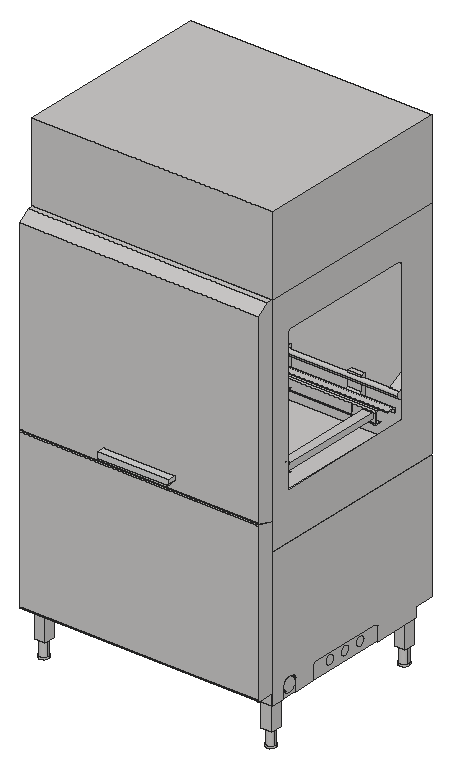
Revit family "QF_ELECTROLUXPROFESSIONAL_535136_NLDDRE5M", category Specialty Equipment, Revit 2018
Family settings
  Round Connector Dimension = Use Diameter
  Part Type = Normal
  Work Plane-Based = No
  Always vertical = Yes
  Cut with Voids When Loaded = No
  Shared = No
  Room Calculation Point = No
Parameters (values of type "NLDDRE56")
  Weight = 116.00 kg
  Watts = 0 W
  Volts = 0 V
  URL Manufacturer = ""
  URL = "http://professional.electrolux.com"
  Steam Supply Size = 0 mm
  Steam Supply Minimum Pressure = 0.0 Pa
  Steam Supply Maximum Pressure = 0.0 Pa
  Steam Pounds per Hour = 0
  Show Logo [instance] = yes
  Refrigeration Suction Line Size = 0 mm
  Refrigeration Liquid Line Size = 0 mm
  Refrigerant Compressor Remote = yes
  R_L [instance] = not(L_R)  # no
  Manufacturer = "Electrolux"
  Phase = 0
  Model = "ESR10E5"
  Length Actual = 890 mm  # constant formula
  Show Clearance [instance] = yes
  L_R [instance] = yes
  Item Number = ""
  Hot Water Size = 0 mm
  Height Actual = 1785 mm  # constant formula
  HP = "11.4 HP"
  Gas Size = 0 mm
  Gas KW = 0
  Gas Input Pressure = 0 W
  Direct Waste Size = 50 mm
  Description = "SINGLE RINSE RT, 100R/H, ELECTRIC 50HZ"
  Depth Actual = 825 mm  # constant formula
  DRAIN [instance] = if(L_R, 0 mm, 968 mm)  # 0 mm
  Cycle = 0 Hz
  Condensate Return Size = 0 mm
  Compressed Air Volume = 0.0 L/s
  Compressed Air Size = 0 mm
  Compressed Air Pressure = 0.0 Pa
  Cold Water Size = 0 mm
  Accessory = yes
Types (2, lengths in mm): name | Volts | URL Manufacturer | URL | Manufacturer | Phase | Model | Item Number | Description | Cycle
  NLDDRE56 | 0 V | "" | "http://professional.electrolux.com" | "Electrolux" | 0 | "ESR10E5" | "" | "SINGLE RINSE RT, 100R/H, ELECTRIC 50HZ" | 0 Hz
  Standard | 400 V | "http://professional.electrolux.com/" | "http://professional.electrolux.com/" | "Electrolux Professional" | 3 | "NLDDRE5M" | "535136" | "LARGE DRYER WITH DOOR, DUAL RINSE RT, ELECTRIC, 400V/ 3/ 50Hz - MARINE" | 50 Hz
Reference planes
  plane 1 "Center X": y = -16.742
  plane 2: z = 0
  plane 3 "2": x = 506.437
  plane 4 "BACK": y = 388.258
  plane 5 "FEET": z = 150
  plane 6: z = 2095
  plane 7 "BASE": z = 187
  plane 8 "TOP": z = 1785
  plane 9 "FRONT": y = -408.742
  plane 10: y = 311.258
  plane 11 "1": x = -383.563
  plane 12 "LEFT": x = -423.563
  plane 13 "RIGHT": x = 546.437
  plane 14 "DRAIN": x = -423.563
Forms (mm)
  Extrusion 1, solid, material "QF_Finishes_Stainless Steel"
    sketch origin (506.437, 479.936, 4000) x (0, 1, 0) y (0, 0, 1)
      loop
        line (-96.678, -2215) -> (-828.678, -2215) -> (-828.678, -2507) -> (-96.678, -2507) -> (-96.678, -2215)
    from -890 to 0
  Extrusion 2, solid, material "QF_Finishes_Stainless Steel"
    sketch origin (-383.563, 437.565, 4000) x (0, 1, 0) y (0, 0, 1)
      loop
        line (-54.307, -2507) -> (-786.307, -2507) -> (-786.307, -3850) -> (-126.307, -3850) -> (-126.307, -3812) -> (-54.307, -3812) -> (-54.307, -2507)
      loop
        line (-129.307, -2557) -> (-769.307, -2557) -> (-769.307, -3290) -> (-129.307, -3290) -> (-129.307, -2557)
    from 887 to 3
  Extrusion 3, solid, material "QF_Finishes_Stainless Steel"
    sketch origin (-383.563, 437.565, 4000) x (0, 1, 0) y (0, 0, 1)
      loop
        line (-59.307, -3342) -> (-781.307, -3342)
        arc (-781.307, -3342) -> (-784.843, -3343.464) -> (-786.307, -3347) r 5
        line (-786.307, -3347) -> (-786.307, -3850) -> (-741.307, -3850) -> (-741.307, -3813)
        arc (-741.307, -3813) -> (-711.307, -3783) -> (-681.307, -3813) r 30
        line (-681.307, -3813) -> (-681.307, -3850) -> (-602.807, -3850) -> (-602.807, -3803)
        arc (-602.807, -3803) -> (-598.414, -3792.393) -> (-587.807, -3788) r 15
        line (-587.807, -3788) -> (-317.807, -3788)
        arc (-317.807, -3788) -> (-307.201, -3792.393) -> (-302.807, -3803) r 15
        line (-302.807, -3803) -> (-302.807, -3850) -> (-126.307, -3850) -> (-126.307, -3812) -> (-54.307, -3812) -> (-54.307, -3347)
        arc (-54.307, -3347) -> (-55.772, -3343.464) -> (-59.307, -3342) r 5
    from 0 to 3
  Extrusion 4, solid, material "QF_Finishes_Stainless Steel"
    sketch origin (506.437, 479.936, 4000) x (0, 1, 0) y (0, 0, 1)
      loop
        line (-96.678, -2507) -> (-828.678, -2507) -> (-828.678, -3335)
        arc (-828.678, -3335) -> (-827.214, -3338.536) -> (-823.678, -3340) r 5
        line (-823.678, -3340) -> (-101.678, -3340)
        arc (-101.678, -3340) -> (-98.142, -3338.536) -> (-96.678, -3335) r 5
        line (-96.678, -3335) -> (-96.678, -2507)
      loop
        line (-248.879, -2635) -> (-744.477, -2635)
        arc (-744.477, -2635) -> (-756.64, -2640.038) -> (-761.678, -2652.201) r 17.201
        line (-761.678, -2652.201) -> (-761.678, -3167.258) -> (-231.678, -3167.258) -> (-231.678, -2652.201)
        arc (-231.678, -2652.201) -> (-236.716, -2640.038) -> (-248.879, -2635) r 17.201
    from -3 to 0
  Extrusion 5, solid, material "QF_Finishes_Stainless Steel"
    sketch origin (506.437, 479.936, 4000) x (0, 1, 0) y (0, 0, 1)
      loop
        line (-101.678, -3342) -> (-823.678, -3342)
        arc (-823.678, -3342) -> (-827.214, -3343.464) -> (-828.678, -3347) r 5
        line (-828.678, -3347) -> (-828.678, -3850) -> (-783.678, -3850) -> (-783.678, -3813)
        arc (-783.678, -3813) -> (-753.678, -3783) -> (-723.678, -3813) r 30
        line (-723.678, -3813) -> (-723.678, -3850) -> (-645.178, -3850) -> (-645.178, -3803)
        arc (-645.178, -3803) -> (-640.785, -3792.393) -> (-630.178, -3788) r 15
        line (-630.178, -3788) -> (-360.178, -3788)
        arc (-360.178, -3788) -> (-349.571, -3792.393) -> (-345.178, -3803) r 15
        line (-345.178, -3803) -> (-345.178, -3850) -> (-168.678, -3850) -> (-168.678, -3812) -> (-96.678, -3812) -> (-96.678, -3347)
        arc (-96.678, -3347) -> (-98.142, -3343.464) -> (-101.678, -3342) r 5
    from -3 to 0
  Extrusion 6, solid, material "QF_Finishes_Stainless Steel"
    sketch origin (-383.563, 437.565, 4000) x (0, 1, 0) y (0, 0, 1)
      loop
        circle (-454.307, -3813) r 15
      loop
        circle (-524.307, -3813) r 15
      loop
        circle (-384.307, -3813) r 15
    from 0 to 3
  Extrusion 7, solid, material "QF_Finishes_Stainless Steel"
    sketch origin (-383.563, 437.565, 4000) x (0, 1, 0) y (0, 0, 1)
      loop
        circle (-711.307, -3813) r 25
    from 0 to 3
  Extrusion 8, solid, material "QF_Finishes_Stainless Steel"
    sketch origin (506.437, 479.936, 4000) x (0, 1, 0) y (0, 0, 1)
      loop
        circle (-496.678, -3813) r 15
      loop
        circle (-566.678, -3813) r 15
      loop
        circle (-426.678, -3813) r 15
    from 0 to -3
  Extrusion 9, solid, material "QF_Finishes_Stainless Steel"
    sketch origin (506.437, 479.936, 4000) x (0, 1, 0) y (0, 0, 1)
      loop
        circle (-753.678, -3813) r 25
    from 0 to -3
  Extrusion 10, solid, material "QF_Finishes_Stainless Steel"
    sketch origin (-383.563, 437.565, 4000) x (0, 1, 0) y (0, 0, 1)
      loop
        line (-54.307, -2507) -> (-786.307, -2507) -> (-786.307, -3335)
        arc (-786.307, -3335) -> (-784.843, -3338.536) -> (-781.307, -3340) r 5
        line (-781.307, -3340) -> (-59.307, -3340)
        arc (-59.307, -3340) -> (-55.772, -3338.536) -> (-54.307, -3335) r 5
        line (-54.307, -3335) -> (-54.307, -2507)
      loop
        line (-206.509, -2635) -> (-702.106, -2635)
        arc (-702.106, -2635) -> (-714.269, -2640.038) -> (-719.307, -2652.201) r 17.201
        line (-719.307, -2652.201) -> (-719.307, -3167.258) -> (-189.307, -3167.258) -> (-189.307, -2652.201)
        arc (-189.307, -2652.201) -> (-194.345, -2640.038) -> (-206.509, -2635) r 17.201
    from 3 to 0
  Extrusion 11, solid, material "QF_Finishes_Stainless Steel", visible <- "L_R"
    sketch origin (-383.563, 0, 0) x (0, 1, 0) y (0, 0, 1)
      loop
        circle (-273.742, 187) r 25
    from 0 to -38
  Extrusion 12, solid, material "QF_Finishes_Stainless Steel", visible <- "R_L"
    sketch origin (506.437, 479.936, 4000) x (0, 1, 0) y (0, 0, 1)
      loop
        circle (-753.678, -3813) r 25
    from 0 to 38
  Extrusion 13, solid, material "QF_Finishes_Stainless Steel", not visible
    sketch origin (-423.563, 0, 0) x (0, 1, 0) y (0, 0, 1)
      loop
        circle (-273.742, 187) r 25
    from 0 to 2
  Extrusion 14, solid, material "QF_Clearance", detail levels coarse
    sketch origin (516.437, -74.242, 0) x (1, 0, 0) y (0, 1, 0)
      loop
        line (-900, 462.5) -> (-10, 462.5) -> (-10, 512.5) -> (-900, 512.5) -> (-900, 462.5)
    from -100 to 1785
Lines and regions (mm)
  symbolic lines
    curve 1: line (-383.563, 383.258, 0) -> (506.437, 383.258, 0)
    curve 2: line (-383.563, -348.742, 0) -> (-383.563, 383.258, 0)
    curve 3: line (506.437, -348.742, 0) -> (-383.563, -348.742, 0)
    curve 4: line (506.437, 383.258, 0) -> (506.437, -348.742, 0)
    curve 7: line (-383.563, 383.258, 0) -> (506.437, -348.742, 0)
    curve 14: line (-383.563, -16.742, 0) -> (-368.563, -16.742, 0)
    curve 15: line (491.437, -16.742, 0) -> (506.437, -16.742, 0)
  symbolic lines, style "SpecialityEquipment"
    curve 5: line (506.437, -281.742, 0) -> (-383.563, -281.742, 0)
    curve 6: line (-383.563, 308.258, 0) -> (506.437, 308.258, 0)
  symbolic lines, style "SpecialityEquipmentHiddenLines", visible <- "R_L"
    curve 8: line (546.437, -298.742, 0) -> (546.437, -248.742, 0)
    curve 9: line (546.437, -248.742, 0) -> (506.437, -248.742, 0)
    curve 10: line (546.437, -298.742, 0) -> (506.437, -298.742, 0)
  symbolic lines, style "SpecialityEquipmentHiddenLines", visible <- "L_R"
    curve 11: line (-423.563, -248.742, 0) -> (-423.563, -298.742, 0)
    curve 12: line (-423.563, -248.742, 0) -> (-383.563, -248.742, 0)
    curve 13: line (-423.563, -298.742, 0) -> (-383.563, -298.742, 0)
  symbolic lines, style "QF_Clearances"
    curve 16: line (-383.563, 438.258, 0) -> (506.437, 438.258, 0)
Dimensions and locks
  plane 4 "BACK" to plane 1 "Center X" to plane 9 "FRONT" = 405 mm, 392 mm
  plane 5 "FEET" to level = 150 mm
  plane 3 "2" to Extrusion 5 = 3 mm
  plane 5 "FEET" to plane 8 "TOP" = 1635 mm
  plane 4 "BACK" to plane 9 "FRONT" = 797 mm  (x2)
  nested 1 to nested 4 to nested 4 to nested 4 = 732 mm, 60 mm, 30 mm
  "DRAIN": plane 12 "LEFT" to plane 14 "DRAIN"
  aligned and locked: level to plane 2
Automatic sketch dimensions
  plane 8 "TOP" to Extrusion 1 sketch curve = 0 mm
  plane 9 "FRONT" to Extrusion 1 sketch curve = 60 mm
  Extrusion 1 sketch curve to plane 4 "BACK" = 5 mm
  Extrusion 1 sketch curve to Extrusion 1 sketch curve = 292 mm
  Extrusion 2 sketch curve to plane 5 "FEET" = 0 mm
  Extrusion 2 sketch curve to plane 10 = 0 mm
  plane 10 to Extrusion 2 sketch curve = 3 mm
  plane 9 "FRONT" to Extrusion 2 sketch curve = 77 mm
  Extrusion 2 sketch curve to Extrusion 2 sketch curve = 17 mm
  plane 7 "BASE" to Extrusion 2 sketch curve = 1 mm
  Extrusion 2 sketch curve to plane 4 "BACK" = 5 mm
  Extrusion 2 sketch curve to Extrusion 2 sketch curve = 522 mm
  plane 8 "TOP" to Extrusion 2 sketch curve = 342 mm
  Extrusion 2 sketch curve to Extrusion 2 sketch curve = 50 mm
  Extrusion 3 sketch curve to plane 5 "FEET" = 0 mm  (x3)
  Extrusion 3 sketch curve to plane 7 "BASE" = 0 mm
  Extrusion 3 sketch curve to plane 10 = 0 mm
  plane 7 "BASE" to Extrusion 3 sketch curve = 10 mm  (x2)
  Extrusion 3 sketch curve to plane 1 "Center X" = 151.5 mm
  Extrusion 3 sketch curve to Extrusion 3 sketch curve = 15 mm
  plane 1 "Center X" to Extrusion 3 sketch curve = 133.5 mm
  Extrusion 3 sketch curve to Extrusion 3 sketch curve = 78.5 mm
  Extrusion 3 sketch curve to Extrusion 3 sketch curve = 30 mm
  plane 9 "FRONT" to Extrusion 3 sketch curve = 65 mm
  Extrusion 3 sketch curve to Extrusion 3 sketch curve = 5 mm
  Extrusion 3 sketch curve to plane 4 "BACK" = 10 mm
  Extrusion 3 sketch curve to plane 4 "BACK" = 5 mm
  plane 7 "BASE" to Extrusion 3 sketch curve = 1 mm
  Extrusion 3 sketch curve to Extrusion 3 sketch curve = 465 mm
  plane 9 "FRONT" to Extrusion 4 sketch curve = 60 mm
  Extrusion 4 sketch curve to Extrusion 4 sketch curve = 5 mm
  plane 9 "FRONT" to Extrusion 4 sketch curve = 127 mm
  Extrusion 4 sketch curve to Extrusion 4 sketch curve = 17.201 mm  (x2)
  plane 10 to Extrusion 4 sketch curve = 80.201 mm
  plane 10 to Extrusion 4 sketch curve = 63 mm
  Extrusion 4 sketch curve to plane 4 "BACK" = 10 mm
  Extrusion 4 sketch curve to plane 4 "BACK" = 5 mm
  plane 7 "BASE" to Extrusion 4 sketch curve = 473 mm
  Extrusion 4 sketch curve to Extrusion 4 sketch curve = 167.742 mm
  plane 8 "TOP" to Extrusion 4 sketch curve = 437.201 mm
  Extrusion 4 sketch curve to Extrusion 4 sketch curve = 0 mm
  Extrusion 4 sketch curve to Extrusion 4 sketch curve = 145.201 mm
  Extrusion 5 sketch curve to plane 5 "FEET" = 0 mm  (x3)
  Extrusion 5 sketch curve to plane 7 "BASE" = 0 mm
  Extrusion 5 sketch curve to plane 10 = 0 mm
  plane 7 "BASE" to Extrusion 5 sketch curve = 10 mm  (x2)
  Extrusion 5 sketch curve to plane 1 "Center X" = 151.5 mm
  Extrusion 5 sketch curve to Extrusion 5 sketch curve = 15 mm
  plane 1 "Center X" to Extrusion 5 sketch curve = 133.5 mm
  Extrusion 5 sketch curve to Extrusion 5 sketch curve = 78.5 mm
  Extrusion 5 sketch curve to Extrusion 5 sketch curve = 30 mm
  plane 9 "FRONT" to Extrusion 5 sketch curve = 65 mm
  Extrusion 5 sketch curve to Extrusion 5 sketch curve = 5 mm
  Extrusion 5 sketch curve to plane 4 "BACK" = 10 mm
  Extrusion 5 sketch curve to plane 4 "BACK" = 5 mm
  plane 7 "BASE" to Extrusion 5 sketch curve = 1 mm
  Extrusion 5 sketch curve to Extrusion 5 sketch curve = 465 mm
  Extrusion 6 sketch curve to plane 7 "BASE" = 0 mm  (x3)
  Extrusion 6 sketch curve to plane 1 "Center X" = 0 mm
  Extrusion 6 sketch curve to Extrusion 6 sketch curve = 70 mm
  Extrusion 6 sketch curve to plane 1 "Center X" = 70 mm
  Extrusion 7 sketch curve to plane 7 "BASE" = 0 mm
  plane 9 "FRONT" to Extrusion 7 sketch curve = 135 mm
  Extrusion 8 sketch curve to plane 7 "BASE" = 0 mm  (x3)
  Extrusion 8 sketch curve to plane 1 "Center X" = 0 mm
  Extrusion 8 sketch curve to Extrusion 8 sketch curve = 70 mm
  Extrusion 8 sketch curve to plane 1 "Center X" = 70 mm
  Extrusion 9 sketch curve to plane 7 "BASE" = 0 mm
  plane 9 "FRONT" to Extrusion 9 sketch curve = 135 mm
  plane 9 "FRONT" to Extrusion 10 sketch curve = 60 mm
  Extrusion 10 sketch curve to Extrusion 10 sketch curve = 5 mm
  plane 9 "FRONT" to Extrusion 10 sketch curve = 127 mm
  Extrusion 10 sketch curve to Extrusion 10 sketch curve = 17.201 mm  (x2)
  plane 10 to Extrusion 10 sketch curve = 80.201 mm
  plane 10 to Extrusion 10 sketch curve = 63 mm
  Extrusion 10 sketch curve to plane 4 "BACK" = 10 mm
  Extrusion 10 sketch curve to plane 4 "BACK" = 5 mm
  plane 7 "BASE" to Extrusion 10 sketch curve = 473 mm
  Extrusion 10 sketch curve to Extrusion 10 sketch curve = 167.742 mm
  plane 8 "TOP" to Extrusion 10 sketch curve = 437.201 mm
  Extrusion 10 sketch curve to Extrusion 10 sketch curve = 0 mm
  Extrusion 10 sketch curve to Extrusion 10 sketch curve = 145.201 mm
  Extrusion 11 sketch curve to plane 7 "BASE" = 0 mm
  plane 9 "FRONT" to Extrusion 11 sketch curve = 135 mm
  Extrusion 12 sketch curve to plane 7 "BASE" = 0 mm
  plane 9 "FRONT" to Extrusion 12 sketch curve = 135 mm
  Extrusion 13 sketch curve to plane 7 "BASE" = 0 mm
  plane 9 "FRONT" to Extrusion 13 sketch curve = 135 mm
  plane 12 "LEFT" to Extrusion 14 sketch curve = 40 mm
  Extrusion 14 sketch curve to plane 13 "RIGHT" = 40 mm
  plane 4 "BACK" to Extrusion 14 sketch curve = 0 mm
  Extrusion 14 sketch curve to Extrusion 14 sketch curve = 50 mm
  curve 11 to plane 12 "LEFT" = 0 mm
  curve 13 to plane 11 "1" = 0 mm
  curve 16 to plane 11 "1" = 0 mm
  curve 9 to plane 3 "2" = 0 mm
  curve 16 to plane 3 "2" = 0 mm
  curve 8 to plane 13 "RIGHT" = 0 mm
  plane 9 "FRONT" to curve 4 = 60 mm
  curve 2 to curve 13 = 50 mm
  curve 3 to curve 8 = 50 mm
  curve 11 to curve 12 = 50 mm
  curve 8 to curve 8 = 50 mm
  curve 1 to plane 4 "BACK" = 5 mm
  curve 14 to plane 1 "Center X" = 0 mm
  plane 11 "1" to curve 14 = 15 mm
  curve 15 to plane 1 "Center X" = 0 mm
  curve 15 to curve 15 = 15 mm
  curve 10 to curve 5 = 17 mm
  plane 10 to curve 6 = 3 mm
  plane 4 "BACK" to curve 16 = 50 mm
  radius of Extrusion 6 sketch curve = 15 mm  (x3)
  radius of Extrusion 7 sketch curve = 25 mm
  radius of Extrusion 8 sketch curve = 15 mm  (x3)
  radius of Extrusion 9 sketch curve = 25 mm
  radius of Extrusion 11 sketch curve = 25 mm
  radius of Extrusion 12 sketch curve = 25 mm
  radius of Extrusion 13 sketch curve = 25 mm
Nested families
  nested 1: "Basket_Guide+Wash_Arm_35''" at (-348, 0, 0), type "Basket_Guide+Wash_Arm_35''"
  nested 2: "Foot_40x40_H150" at (-357.563, -326.742, 0) x (-1, 0, 0) z (0, 0, 1), type "Foot_40x40_H150"
  nested 3: "Foot_40x40_H150" at (-357.563, 289.258, 0) x (-1, 0, 0) z (0, 0, 1), type "Foot_40x40_H150"
  nested 4: "Door_35''" at (-289, 0, 0), Show Clearance <- "Show Clearance", type "Door_35''"
  nested 5: "Foot_40x40_H150" at (480.437, -326.742, 0), type "Foot_40x40_H150"
  nested 6: "Foot_40x40_H150" at (480.437, 289.258, 0), type "Foot_40x40_H150"
Connectors
  piping at (-423.563, -273.742, 187), diameter 50
    settings: on Extrusion 13, index 1, connector inside diameter 609.6 mm, connector length 0 mm, flow factor 0, pipe flow 0.0 L/s, pressure drop 0.0 Pa, fitting loss kfactor 0, connector angle 0.00°, fixture units 0, engagement length 0 mm, angle of deflection 0.00°, flow configuration 0, flow direction 2, fitting loss method 0, system type 16, joint type 0, gender type 0, connector reference index -1, connector utility 0, adjustable connector no, is connector primary yes, connector description "DRAIN"
Definition of nested family "Basket_Guide+Wash_Arm_35''"
  Reference planes
    plane 1: z = 0
    plane 2 "Center Y": x = 409.437
    plane 3 "LEFT": x = -35.563
    plane 4 "BACK": y = 383.258
    plane 5 "FRONT": y = -408.742
    plane 6: z = 150
    plane 7 "TOP": z = 1785
    plane 8: z = 875
    plane 9 "RIGHT": x = 854.437
    plane 10 "L1": x = 134.437
    plane 11 "L2": x = 684.437
  Forms (mm)
    Extrusion 1, solid
      sketch origin (427.437, -18.984, 0) x (0, -1, 0) y (0, 0, 1)
        loop
          line (264.703, 929.245) -> (264.703, 907.554) -> (312.758, 879.81) -> (312.758, 956.99) -> (264.703, 929.245)
        loop
          line (-259.187, 929.245) -> (-307.242, 956.99) -> (-327.242, 956.99) -> (-327.242, 879.81) -> (-307.242, 879.81) -> (-259.187, 907.554) -> (-259.187, 929.245)
      from -424 to -388
    Extrusion 2, solid
      sketch origin (293.437, -18.984, 0) x (0, -1, 0) y (0, 0, 1)
        loop
          circle (264.703, 918.4) r 10
        loop
          circle (-259.187, 918.4) r 10
      from -558 to 326
    Extrusion 3, solid
      sketch origin (293.437, -18.984, 0) x (0, -1, 0) y (0, 0, 1)
        loop
          line (-252.564, 858) -> (-252.564, 870.68)
          arc (-252.564, 870.68) -> (-251.884, 872.32) -> (-250.244, 873) r 2.32
          line (-250.244, 873) -> (-222.564, 873) -> (-222.564, 875) -> (-250.244, 875)
          arc (-250.244, 875) -> (-253.299, 873.735) -> (-254.564, 870.68) r 4.32
          line (-254.564, 870.68) -> (-254.564, 858) -> (-252.564, 858)
        loop
          line (258.08, 858) -> (260.08, 858) -> (260.08, 870.68)
          arc (260.08, 870.68) -> (258.815, 873.735) -> (255.76, 875) r 4.32
          line (255.76, 875) -> (228.08, 875) -> (228.08, 873) -> (255.76, 873)
          arc (255.76, 873) -> (257.401, 872.32) -> (258.08, 870.68) r 2.32
          line (258.08, 870.68) -> (258.08, 858)
      from -545 to 313
    Extrusion 4, solid
      sketch origin (293.437, -18.984, 0) x (0, -1, 0) y (0, 0, 1)
        loop
          arc (-216.187, 825.32) -> (-216.866, 823.679) -> (-218.507, 823) r 2.32
          line (-218.507, 823) -> (-236.187, 823) -> (-236.187, 821) -> (-218.507, 821)
          arc (-218.507, 821) -> (-215.452, 822.265) -> (-214.187, 825.32) r 4.32
          line (-214.187, 825.32) -> (-214.187, 861.68)
          arc (-214.187, 861.68) -> (-215.452, 864.735) -> (-218.507, 866) r 4.32
          line (-218.507, 866) -> (-236.187, 866) -> (-236.187, 864) -> (-218.507, 864)
          arc (-218.507, 864) -> (-216.866, 863.32) -> (-216.187, 861.68) r 2.32
          line (-216.187, 861.68) -> (-216.187, 825.32)
        loop
          line (221.703, 825.32) -> (221.703, 861.68)
          arc (221.703, 861.68) -> (222.383, 863.32) -> (224.023, 864) r 2.32
          line (224.023, 864) -> (241.703, 864) -> (241.703, 866) -> (224.023, 866)
          arc (224.023, 866) -> (220.969, 864.735) -> (219.703, 861.68) r 4.32
          line (219.703, 861.68) -> (219.703, 825.32)
          arc (219.703, 825.32) -> (220.969, 822.265) -> (224.023, 821) r 4.32
          line (224.023, 821) -> (241.703, 821) -> (241.703, 823) -> (224.023, 823)
          arc (224.023, 823) -> (222.383, 823.679) -> (221.703, 825.32) r 2.32
      from -505 to 273
    Extrusion 5, solid
      sketch origin (391.437, -18.984, 0) x (0, -1, 0) y (0, 0, 1)
        loop
          line (264.703, 929.245) -> (264.703, 907.554) -> (312.758, 879.81) -> (312.758, 956.99) -> (264.703, 929.245)
        loop
          line (-259.187, 929.245) -> (-307.242, 956.99) -> (-327.242, 956.99) -> (-327.242, 879.81) -> (-307.242, 879.81) -> (-259.187, 907.554) -> (-259.187, 929.245)
      from 424 to 388
    Extrusion 6, solid
      sketch origin (428.437, -18.984, 0) x (0, -1, 0) y (0, 0, 1)
        loop
          line (219.703, 858) -> (-214.187, 858) -> (-214.187, 836) -> (219.703, 836) -> (219.703, 858)
      from -360 to -325
    Extrusion 7, solid
      sketch origin (390.437, -18.984, 0) x (0, -1, 0) y (0, 0, 1)
        loop
          line (219.703, 858) -> (-214.187, 858) -> (-214.187, 836) -> (219.703, 836) -> (219.703, 858)
      from 360 to 325
    Extrusion 8, solid
      sketch origin (409.437, 308.258, 1443) x (0, 0, 1) y (-1, 0, 0)
        loop
          line (-650.516, 7.5) -> (-663.507, 15) -> (-676.497, 7.5) -> (-676.497, -7.5) -> (-663.507, -15) -> (-650.516, -7.5) -> (-650.516, 7.5)
        loop
          line (-22.01, 7.5) -> (-35, 15) -> (-47.99, 7.5) -> (-47.99, -7.5) -> (-35, -15) -> (-22.01, -7.5) -> (-22.01, 7.5)
      from 0 to 30
    Extrusion 9, solid
      sketch origin (409.437, 278.258, 1443) x (0, 0, 1) y (-1, 0, 0)
        loop
          circle (-663.507, 0) r 10
        loop
          circle (-35, 0) r 10
      from 0 to 537.443
    Extrusion 10, solid
      sketch origin (409.437, 0, 0) x (0, 1, 0) y (0, 0, 1)
        loop
          line (-283.687, 880.8) -> (-283.687, 933.4) -> (-301.108, 933.4) -> (-301.108, 856.308) -> (-249.185, 804.385) -> (-240.463, 763.388) -> (-239.485, 763.596) -> (-248.268, 804.882) -> (-277.084, 833.698) -> (-240.687, 833.698) -> (-240.687, 855.89) -> (-260.687, 855.89) -> (-260.687, 872.8) -> (-275.687, 872.8) -> (-283.687, 880.8)
        loop
          line (240.203, 880.8) -> (232.203, 872.8) -> (217.203, 872.8) -> (217.203, 855.89) -> (197.203, 855.89) -> (197.203, 833.698) -> (235.015, 833.698) -> (257.624, 856.308) -> (257.624, 933.4) -> (240.203, 933.4) -> (240.203, 880.8)
        loop
          line (-259.185, 1443) -> (-259.185, 1420.164) -> (-236.567, 1380.988) -> (-234.835, 1381.988) -> (-257.185, 1420.7) -> (-257.185, 1443) -> (-259.185, 1443)
      from -25 to 25
    Extrusion 11, solid
      sketch origin (134.437, 308.258, 1443) x (0, 0, 1) y (-1, 0, 0)
        loop
          line (-650.516, 7.5) -> (-663.507, 15) -> (-676.497, 7.5) -> (-676.497, -7.5) -> (-663.507, -15) -> (-650.516, -7.5) -> (-650.516, 7.5)
        loop
          line (-22.01, 7.5) -> (-35, 15) -> (-47.99, 7.5) -> (-47.99, -7.5) -> (-35, -15) -> (-22.01, -7.5) -> (-22.01, 7.5)
      from 0 to 30
    Extrusion 12, solid
      sketch origin (134.437, 278.258, 1443) x (0, 0, 1) y (-1, 0, 0)
        loop
          circle (-663.507, 0) r 10
        loop
          circle (-35, 0) r 10
      from 0 to 537.443
    Extrusion 13, solid
      sketch origin (684.437, 308.258, 1443) x (0, 0, 1) y (-1, 0, 0)
        loop
          line (-650.516, 7.5) -> (-663.507, 15) -> (-676.497, 7.5) -> (-676.497, -7.5) -> (-663.507, -15) -> (-650.516, -7.5) -> (-650.516, 7.5)
        loop
          line (-22.01, 7.5) -> (-35, 15) -> (-47.99, 7.5) -> (-47.99, -7.5) -> (-35, -15) -> (-22.01, -7.5) -> (-22.01, 7.5)
      from 0 to 30
    Extrusion 14, solid
      sketch origin (684.437, 278.258, 1443) x (0, 0, 1) y (-1, 0, 0)
        loop
          circle (-663.507, 0) r 10
        loop
          circle (-35, 0) r 10
      from 0 to 537.443
    Extrusion 15, solid
      sketch origin (134.437, 0, 0) x (0, 1, 0) y (0, 0, 1)
        loop
          line (-283.687, 880.8) -> (-283.687, 933.4) -> (-301.108, 933.4) -> (-301.108, 856.308) -> (-249.185, 804.385) -> (-240.463, 763.388) -> (-239.485, 763.596) -> (-248.268, 804.882) -> (-277.084, 833.698) -> (-240.687, 833.698) -> (-240.687, 855.89) -> (-260.687, 855.89) -> (-260.687, 872.8) -> (-275.687, 872.8) -> (-283.687, 880.8)
        loop
          line (240.203, 880.8) -> (232.203, 872.8) -> (217.203, 872.8) -> (217.203, 855.89) -> (197.203, 855.89) -> (197.203, 833.698) -> (235.015, 833.698) -> (257.624, 856.308) -> (257.624, 933.4) -> (240.203, 933.4) -> (240.203, 880.8)
        loop
          line (-259.185, 1443) -> (-259.185, 1420.164) -> (-236.567, 1380.988) -> (-234.835, 1381.988) -> (-257.185, 1420.7) -> (-257.185, 1443) -> (-259.185, 1443)
      from -25 to 25
    Extrusion 16, solid
      sketch origin (684.437, 0, 0) x (0, 1, 0) y (0, 0, 1)
        loop
          line (-283.687, 880.8) -> (-283.687, 933.4) -> (-301.108, 933.4) -> (-301.108, 856.308) -> (-249.185, 804.385) -> (-240.463, 763.388) -> (-239.485, 763.596) -> (-248.268, 804.882) -> (-277.084, 833.698) -> (-240.687, 833.698) -> (-240.687, 855.89) -> (-260.687, 855.89) -> (-260.687, 872.8) -> (-275.687, 872.8) -> (-283.687, 880.8)
        loop
          line (240.203, 880.8) -> (232.203, 872.8) -> (217.203, 872.8) -> (217.203, 855.89) -> (197.203, 855.89) -> (197.203, 833.698) -> (235.015, 833.698) -> (257.624, 856.308) -> (257.624, 933.4) -> (240.203, 933.4) -> (240.203, 880.8)
        loop
          line (-259.185, 1443) -> (-259.185, 1420.164) -> (-236.567, 1380.988) -> (-234.835, 1381.988) -> (-257.185, 1420.7) -> (-257.185, 1443) -> (-259.185, 1443)
      from -25 to 25
  Cuts and joins
    joined: Extrusion 1, Extrusion 2, Extrusion 3, Extrusion 4, Extrusion 5, Extrusion 6, Extrusion 7, Extrusion 8, Extrusion 9, Extrusion 10
  Dimensions and locks
    plane 3 "LEFT" to plane 9 "RIGHT" = 890 mm
    equal spacing: plane 3 "LEFT", plane 2 "Center Y", plane 9 "RIGHT", locked at 445 each
    plane 7 "TOP" to plane 6 to level = 1635 mm, 150 mm
    plane 4 "BACK" to plane 5 "FRONT" = 792 mm
    aligned and locked: level to plane 1
  Automatic sketch dimensions
    plane 8 to Extrusion 1 sketch curve = 4.81 mm  (x2)
    Extrusion 1 sketch curve to plane 4 "BACK" = 75 mm
    Extrusion 1 sketch curve to Extrusion 1 sketch curve = 20 mm  (x2)
    Extrusion 1 sketch curve to Extrusion 1 sketch curve = 48.055 mm  (x2)
    plane 8 to Extrusion 1 sketch curve = 32.554 mm  (x2)
    plane 5 "FRONT" to Extrusion 1 sketch curve = 125.055 mm
    Extrusion 1 sketch curve to Extrusion 1 sketch curve = 21.691 mm  (x2)
    Extrusion 1 sketch curve to Extrusion 1 sketch curve = 27.745 mm  (x2)
    plane 8 to Extrusion 2 sketch curve = 43.4 mm  (x2)
    Extrusion 2 sketch curve to plane 4 "BACK" = 143.055 mm
    plane 5 "FRONT" to Extrusion 2 sketch curve = 125.055 mm
    Extrusion 3 sketch curve to Extrusion 3 sketch curve = 0 mm  (x4)
    Extrusion 3 sketch curve to plane 8 = 0 mm  (x2)
    Extrusion 3 sketch curve to plane 8 = 4.32 mm  (x2)
    Extrusion 3 sketch curve to plane 4 "BACK" = 147.678 mm
    Extrusion 3 sketch curve to Extrusion 3 sketch curve = 2 mm  (x2)
    Extrusion 3 sketch curve to Extrusion 3 sketch curve = 27.68 mm  (x2)
    plane 5 "FRONT" to Extrusion 3 sketch curve = 161.678 mm
    Extrusion 3 sketch curve to Extrusion 3 sketch curve = 12.68 mm  (x2)
    Extrusion 4 sketch curve to Extrusion 4 sketch curve = 0 mm  (x9)
    Extrusion 4 sketch curve to plane 8 = 9 mm
    Extrusion 4 sketch curve to plane 4 "BACK" = 166.055 mm
    Extrusion 4 sketch curve to Extrusion 4 sketch curve = 17.68 mm  (x4)
    Extrusion 4 sketch curve to Extrusion 4 sketch curve = 2.32 mm  (x3)
    Extrusion 4 sketch curve to Extrusion 4 sketch curve = 2 mm  (x2)
    Extrusion 4 sketch curve to plane 8 = 49.68 mm
    plane 5 "FRONT" to Extrusion 4 sketch curve = 170.055 mm
    Extrusion 4 sketch curve to Extrusion 4 sketch curve = 43 mm
    Extrusion 4 sketch curve to plane 8 = 13.32 mm
    plane 8 to Extrusion 5 sketch curve = 4.81 mm  (x2)
    Extrusion 5 sketch curve to plane 4 "BACK" = 75 mm
    Extrusion 5 sketch curve to Extrusion 5 sketch curve = 20 mm  (x2)
    Extrusion 5 sketch curve to Extrusion 5 sketch curve = 48.055 mm  (x2)
    plane 8 to Extrusion 5 sketch curve = 32.554 mm  (x2)
    plane 5 "FRONT" to Extrusion 5 sketch curve = 125.055 mm
    Extrusion 5 sketch curve to Extrusion 5 sketch curve = 21.691 mm  (x2)
    Extrusion 5 sketch curve to Extrusion 5 sketch curve = 27.745 mm  (x2)
    Extrusion 6 sketch curve to plane 8 = 17 mm
    Extrusion 6 sketch curve to plane 4 "BACK" = 188.055 mm
    Extrusion 6 sketch curve to plane 8 = 39 mm
    plane 5 "FRONT" to Extrusion 6 sketch curve = 170.055 mm
    Extrusion 7 sketch curve to plane 8 = 17 mm
    Extrusion 7 sketch curve to plane 4 "BACK" = 188.055 mm
    Extrusion 7 sketch curve to plane 8 = 39 mm
    plane 5 "FRONT" to Extrusion 7 sketch curve = 170.055 mm
    plane 2 "Center Y" to Extrusion 8 sketch curve = 7.5 mm  (x4)
    Extrusion 8 sketch curve to plane 8 = 108.497 mm
    plane 2 "Center Y" to Extrusion 8 sketch curve = 15 mm  (x2)
    Extrusion 8 sketch curve to Extrusion 8 sketch curve = 12.99 mm  (x6)
    Extrusion 8 sketch curve to plane 2 "Center Y" = 15 mm  (x2)
    Extrusion 8 sketch curve to plane 2 "Center Y" = 7.5 mm  (x4)
    Extrusion 8 sketch curve to plane 7 "TOP" = 389.99 mm
    Extrusion 9 sketch curve to Extrusion 8 = 12.99 mm  (x3)
    Extrusion 9 sketch curve to Extrusion 9 sketch curve = 0 mm
    Extrusion 10 sketch curve to plane 8 = 18.692 mm  (x2)
    plane 5 "FRONT" to Extrusion 10 sketch curve = 107.634 mm
    plane 8 to Extrusion 10 sketch curve = 58.4 mm
    Extrusion 10 sketch curve to Extrusion 10 sketch curve = 17.421 mm  (x3)
    plane 8 to Extrusion 10 sketch curve = 5.8 mm  (x2)
    Extrusion 10 sketch curve to Extrusion 10 sketch curve = 24.024 mm
    Extrusion 10 sketch curve to plane 8 = 2.2 mm  (x2)
    Extrusion 10 sketch curve to Extrusion 10 sketch curve = 8 mm  (x2)
    Extrusion 10 sketch curve to Extrusion 10 sketch curve = 15 mm  (x2)
    plane 5 "FRONT" to Extrusion 10 sketch curve = 149.557 mm
    Extrusion 10 sketch curve to Extrusion 10 sketch curve = 2 mm
    Extrusion 10 sketch curve to plane 8 = 70.615 mm
    Extrusion 10 sketch curve to Extrusion 10 sketch curve = 27.899 mm
    Extrusion 10 sketch curve to plane 8 = 70.118 mm
    Extrusion 10 sketch curve to Extrusion 10 sketch curve = 0.916 mm
    Extrusion 10 sketch curve to Extrusion 10 sketch curve = 7.581 mm
    Extrusion 10 sketch curve to Extrusion 10 sketch curve = 8.721 mm
    Extrusion 10 sketch curve to plane 8 = 111.404 mm
    Extrusion 10 sketch curve to Extrusion 10 sketch curve = 20.618 mm
    Extrusion 10 sketch curve to Extrusion 10 sketch curve = 1.732 mm
    Extrusion 10 sketch curve to plane 8 = 41.302 mm
    Extrusion 10 sketch curve to plane 4 "BACK" = 186.055 mm
    Extrusion 10 sketch curve to Extrusion 10 sketch curve = 20 mm
    Extrusion 10 sketch curve to Extrusion 10 sketch curve = 17.811 mm
    Extrusion 10 sketch curve to Extrusion 10 sketch curve = 0 mm
    Extrusion 10 sketch curve to Extrusion 10 sketch curve = 22.61 mm
    Extrusion 10 sketch curve to plane 8 = 19.11 mm
    Extrusion 10 sketch curve to Extrusion 10 sketch curve = 16.909 mm
    Extrusion 10 sketch curve to Extrusion 10 sketch curve = 52.6 mm
    Extrusion 10 sketch curve to plane 7 "TOP" = 404.012 mm
    Extrusion 10 sketch curve to Extrusion 10 sketch curve = 1 mm
    Extrusion 10 sketch curve to Extrusion 10 sketch curve = 22.3 mm
    plane 10 "L1" to Extrusion 11 sketch curve = 7.5 mm  (x4)
    Extrusion 11 sketch curve to plane 8 = 108.497 mm
    plane 10 "L1" to Extrusion 11 sketch curve = 15 mm  (x2)
    Extrusion 11 sketch curve to Extrusion 11 sketch curve = 12.99 mm  (x6)
    Extrusion 11 sketch curve to plane 10 "L1" = 15 mm  (x2)
    Extrusion 11 sketch curve to plane 10 "L1" = 7.5 mm  (x4)
    Extrusion 11 sketch curve to plane 7 "TOP" = 389.99 mm
    Extrusion 12 sketch curve to Extrusion 11 = 12.99 mm  (x3)
    Extrusion 12 sketch curve to Extrusion 12 sketch curve = 0 mm
    plane 11 "L2" to Extrusion 13 sketch curve = 7.5 mm  (x4)
    Extrusion 13 sketch curve to plane 8 = 108.497 mm
    plane 11 "L2" to Extrusion 13 sketch curve = 15 mm  (x2)
    Extrusion 13 sketch curve to Extrusion 13 sketch curve = 12.99 mm  (x6)
    Extrusion 13 sketch curve to plane 11 "L2" = 15 mm  (x2)
    Extrusion 13 sketch curve to plane 11 "L2" = 7.5 mm  (x4)
    Extrusion 13 sketch curve to plane 7 "TOP" = 389.99 mm
    Extrusion 14 sketch curve to Extrusion 13 = 12.99 mm  (x3)
    Extrusion 14 sketch curve to Extrusion 14 sketch curve = 0 mm
    Extrusion 15 sketch curve to plane 8 = 18.692 mm  (x2)
    plane 5 "FRONT" to Extrusion 15 sketch curve = 107.634 mm
    plane 8 to Extrusion 15 sketch curve = 58.4 mm
    Extrusion 15 sketch curve to Extrusion 15 sketch curve = 17.421 mm  (x3)
    plane 8 to Extrusion 15 sketch curve = 5.8 mm  (x2)
    Extrusion 15 sketch curve to Extrusion 15 sketch curve = 24.024 mm
    Extrusion 15 sketch curve to plane 8 = 2.2 mm  (x2)
    Extrusion 15 sketch curve to Extrusion 15 sketch curve = 8 mm  (x2)
    Extrusion 15 sketch curve to Extrusion 15 sketch curve = 15 mm  (x2)
    plane 5 "FRONT" to Extrusion 15 sketch curve = 149.557 mm
    Extrusion 15 sketch curve to Extrusion 15 sketch curve = 2 mm
    Extrusion 15 sketch curve to plane 8 = 70.615 mm
    Extrusion 15 sketch curve to Extrusion 15 sketch curve = 27.899 mm
    Extrusion 15 sketch curve to plane 8 = 70.118 mm
    Extrusion 15 sketch curve to Extrusion 15 sketch curve = 0.916 mm
    Extrusion 15 sketch curve to Extrusion 15 sketch curve = 7.581 mm
    Extrusion 15 sketch curve to Extrusion 15 sketch curve = 8.721 mm
    Extrusion 15 sketch curve to plane 8 = 111.404 mm
    Extrusion 15 sketch curve to Extrusion 15 sketch curve = 20.618 mm
    Extrusion 15 sketch curve to Extrusion 15 sketch curve = 1.732 mm
    Extrusion 15 sketch curve to plane 8 = 41.302 mm
    Extrusion 15 sketch curve to plane 4 "BACK" = 186.055 mm
    Extrusion 15 sketch curve to Extrusion 15 sketch curve = 20 mm
    Extrusion 15 sketch curve to Extrusion 15 sketch curve = 17.811 mm
    Extrusion 15 sketch curve to Extrusion 15 sketch curve = 0 mm
    Extrusion 15 sketch curve to Extrusion 15 sketch curve = 22.61 mm
    Extrusion 15 sketch curve to plane 8 = 19.11 mm
    Extrusion 15 sketch curve to Extrusion 15 sketch curve = 16.909 mm
    Extrusion 15 sketch curve to Extrusion 15 sketch curve = 52.6 mm
    Extrusion 15 sketch curve to plane 7 "TOP" = 404.012 mm
    Extrusion 15 sketch curve to Extrusion 15 sketch curve = 1 mm
    Extrusion 15 sketch curve to Extrusion 15 sketch curve = 22.3 mm
    Extrusion 16 sketch curve to plane 8 = 18.692 mm  (x2)
    plane 5 "FRONT" to Extrusion 16 sketch curve = 107.634 mm
    plane 8 to Extrusion 16 sketch curve = 58.4 mm
    Extrusion 16 sketch curve to Extrusion 16 sketch curve = 17.421 mm  (x3)
    plane 8 to Extrusion 16 sketch curve = 5.8 mm  (x2)
    Extrusion 16 sketch curve to Extrusion 16 sketch curve = 24.024 mm
    Extrusion 16 sketch curve to plane 8 = 2.2 mm  (x2)
    Extrusion 16 sketch curve to Extrusion 16 sketch curve = 8 mm  (x2)
    Extrusion 16 sketch curve to Extrusion 16 sketch curve = 15 mm  (x2)
    plane 5 "FRONT" to Extrusion 16 sketch curve = 149.557 mm
    Extrusion 16 sketch curve to Extrusion 16 sketch curve = 2 mm
    Extrusion 16 sketch curve to plane 8 = 70.615 mm
    Extrusion 16 sketch curve to Extrusion 16 sketch curve = 27.899 mm
    Extrusion 16 sketch curve to plane 8 = 70.118 mm
    Extrusion 16 sketch curve to Extrusion 16 sketch curve = 0.916 mm
    Extrusion 16 sketch curve to Extrusion 16 sketch curve = 7.581 mm
    Extrusion 16 sketch curve to Extrusion 16 sketch curve = 8.721 mm
    Extrusion 16 sketch curve to plane 8 = 111.404 mm
    Extrusion 16 sketch curve to Extrusion 16 sketch curve = 20.618 mm
    Extrusion 16 sketch curve to Extrusion 16 sketch curve = 1.732 mm
    Extrusion 16 sketch curve to plane 8 = 41.302 mm
    Extrusion 16 sketch curve to plane 4 "BACK" = 186.055 mm
    Extrusion 16 sketch curve to Extrusion 16 sketch curve = 20 mm
    Extrusion 16 sketch curve to Extrusion 16 sketch curve = 17.811 mm
    Extrusion 16 sketch curve to Extrusion 16 sketch curve = 0 mm
    Extrusion 16 sketch curve to Extrusion 16 sketch curve = 22.61 mm
    Extrusion 16 sketch curve to plane 8 = 19.11 mm
    Extrusion 16 sketch curve to Extrusion 16 sketch curve = 16.909 mm
    Extrusion 16 sketch curve to Extrusion 16 sketch curve = 52.6 mm
    Extrusion 16 sketch curve to plane 7 "TOP" = 404.012 mm
    Extrusion 16 sketch curve to Extrusion 16 sketch curve = 1 mm
    Extrusion 16 sketch curve to Extrusion 16 sketch curve = 22.3 mm
    radius of Extrusion 2 sketch curve = 10 mm  (x2)
    radius of Extrusion 9 sketch curve = 10 mm  (x2)
    radius of Extrusion 12 sketch curve = 10 mm  (x2)
    radius of Extrusion 14 sketch curve = 10 mm  (x2)
Definition of nested family "Foot_40x40_H150"
  Reference planes
    plane 1 "Centro (Fronte/Retro)": y = 0
    plane 2: z = 0
    plane 3 "Centro (Sinistra/Destra)": x = 0
    plane 4: z = 150
  Forms (mm)
    Extrusion 1, solid
      sketch origin (0, 0, 0) x (1, 0, 0) y (0, 1, 0)
        loop
          circle (0, 0) r 18
      from 0 to 5
    Extrusion 2, solid
      sketch origin (0, 0, 5) x (1, 0, 0) y (0, 1, 0)
        loop
          circle (0, 0) r 15
      from 0 to 55
    Extrusion 3, solid
      sketch origin (0, 0, 60) x (1, 0, 0) y (0, 1, 0)
        loop
          line (-20, 20) -> (-20, -20) -> (20, -20) -> (20, 20) -> (-20, 20)
      from 0 to 90
  Dimensions and locks
    aligned and locked: level to plane 2
    aligned and locked: plane 4 to Extrusion 3
    aligned and locked: Extrusion 1 to level
Definition of nested family "Door_35''"
  Parameters
    Show Clearance [instance] = yes
  Reference planes
    plane 1: z = 0
    plane 2 "Center Y": x = 350.437
    plane 3 "LEFT": x = -94.563
    plane 4 "RIGHT": x = 795.437
    plane 5 "FRONT": y = -408.742
    plane 6: z = 150
    plane 7: y = -348.742
  Forms (mm)
    Extrusion 1, solid
      sketch origin (853.437, -408.742, 1493) x (0, 0, -1) y (1, 0, 0)
        loop
          line (666, -634) -> (681, -634)
          arc (681, -634) -> (684.536, -632.536) -> (686, -629) r 5
          line (686, -629) -> (686, -377)
          arc (686, -377) -> (684.536, -373.464) -> (681, -372) r 5
          line (681, -372) -> (666, -372) -> (666, -634)
      from 0 to 30
    Extrusion 2, solid
      sketch origin (350.437, 0, 0) x (0, 1, 0) y (0, 0, 1)
        loop
          line (-348.742, 188) -> (-348.742, 758.131) -> (-405.595, 774.035)
          arc (-405.595, 774.035) -> (-407.764, 773.603) -> (-408.742, 771.62) r 2.5
          line (-408.742, 771.62) -> (-408.742, 190.5)
          arc (-408.742, 190.5) -> (-408.01, 188.732) -> (-406.242, 188) r 2.5
          line (-406.242, 188) -> (-348.742, 188)
      from -442 to 442
    Extrusion 3, solid
      sketch origin (350.437, 0, 0) x (0, 1, 0) y (0, 0, 1)
        loop
          line (-351.742, 1493) -> (-368.817, 1493) -> (-408.742, 1463.413) -> (-408.742, 778.225)
          arc (-408.742, 778.225) -> (-408.225, 776.703) -> (-406.889, 775.81) r 2.5
          line (-406.889, 775.81) -> (-354.889, 761.206)
          arc (-354.889, 761.206) -> (-352.72, 761.638) -> (-351.742, 763.621) r 2.5
          line (-351.742, 763.621) -> (-351.742, 1493)
      from -442 to 442
    Extrusion 4, solid, visible <- "Show Clearance", detail levels coarse
      sketch origin (853.437, -408.742, 2095) x (0, 0, -1) y (1, 0, 0)
        loop
          line (666, -634) -> (681, -634)
          arc (681, -634) -> (684.536, -632.536) -> (686, -629) r 5
          line (686, -629) -> (686, -377)
          arc (686, -377) -> (684.536, -373.464) -> (681, -372) r 5
          line (681, -372) -> (666, -372) -> (666, -634)
      from 0 to 30
    Extrusion 5, solid, visible <- "Show Clearance", detail levels coarse
      sketch origin (350.437, 0, 602) x (0, 1, 0) y (0, 0, 1)
        loop
          line (-351.742, 1493) -> (-368.817, 1493) -> (-408.742, 1463.413) -> (-408.742, 861.413) -> (-368.817, 891) -> (-351.742, 891) -> (-351.742, 1493)
      from -442 to 442
  Lines and regions (mm)
    symbolic lines
      curve 1: line (-91.563, -408.742, 1785) -> (-91.563, -348.742, 1785)
      curve 2: line (792.437, -408.742, 1785) -> (-91.563, -408.742, 1785)
      curve 3: line (792.437, -348.742, 1785) -> (792.437, -408.742, 1785)
      curve 4: line (219.437, -438.742, 1785) -> (219.437, -408.742, 1785)
      curve 5: line (481.437, -438.742, 1785) -> (219.437, -438.742, 1785)
      curve 6: line (481.437, -408.742, 1785) -> (481.437, -438.742, 1785)
  Dimensions and locks
    plane 3 "LEFT" to plane 4 "RIGHT" = 890 mm
    plane 6 to level = 150 mm
    plane 3 "LEFT" to plane 2 "Center Y" to plane 4 "RIGHT" = 445 mm, 445 mm
    plane 3 "LEFT" to Extrusion 5 = 3 mm
    Extrusion 5 to plane 4 "RIGHT" = 3 mm
    aligned and locked: level to plane 1
    aligned and locked: Extrusion 4 to Extrusion 1
